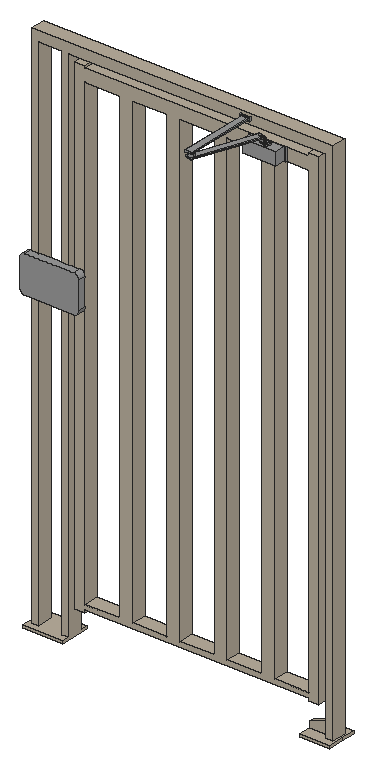
Revit family "Калитка WHD-15", category Обобщенные модели, Revit 2020
Family settings
  Может служить основой для арматурных стержней = Нет
  Размер круглого соединителя = Использовать диаметр
  Тип детали = Нормальный
  На основе рабочей плоскости = Нет
  Всегда вертикально = Да
  При загрузке вырезать с полостями = Нет
  Общий = Нет
  Точка расчета площади = Нет
Parameters
  Ширина зоны прохода = "Ширина зоны прохода"
  Температура использования = "от -30°C до +50°C"
  Степень защиты оболочки = "IP54"
  Пропускная способность = "12 чел./мин"
  Подключение к электросети = "220 В"
  Отметка по умолчанию = 0 mm
  Ограждение снизу справа [instance] = no
  Ограждение снизу слева [instance] = no
  Ограждение сверху справа [instance] = no
  Ограждение сверху слева [instance] = no
  Габаритные размеры = "2150х1232х378,5 мм"
  ADSK_Ток = "3 А"
  ADSK_Номинальная мощность = "36 Вт"
  ADSK_Напряжение = "от 11,5 до 14 В постоянного тока"
  ADSK_Наименование [instance] = if(or(Ограждение сверху слева, Ограждение сверху справа, Ограждение снизу слева, Ограждение снизу справа), "Калитка полноростовая WHD-15 с угловым кронштейном", "Калитка полноростовая WHD-15")  # "Калитка полноростовая WHD-15"
  ADSK_Материал наименование = Сталь окрашенная RAL 1019
  ADSK_Масса_Текст = "35 кг"
  ADSK_Количество = 1
  ADSK_Завод-изготовитель = "PERCo"
  ADSK_Единица измерения = "компл."
  ADSK_URL страницы изделия = "https://www.perco.ru/products/kalitka-polnorostovaya-whd-15.php"
Reference planes
  plane 1 "По центру (Вперед/Назад)": y = 0
  plane 2: z = 0
  plane 3 "По центру (Влево/Вправо)": x = 0
  plane 4: through (340, -75, 3000) normal (0.9397, -0.342, 0)
  plane 5: y = 60
  plane 6: y = -60
  plane 7: x = -621
  plane 8: x = 611
Forms (mm)
  Extrusion 1, solid, material "Сталь окрашенная RAL 1019" <- "ADSK_Материал наименование"
    sketch origin (0, 0, 0) x (1, 0, 0) y (0, 1, 0)
      loop
        line (-610, 30) -> (-610, -30) -> (600, -30) -> (600, 30) -> (-610, 30)
    from 2110 to 2150
  Extrusion 2, solid, material "Сталь окрашенная RAL 1019" <- "ADSK_Материал наименование"
    sketch origin (0, 0, 0) x (1, 0, 0) y (0, 1, 0)
      loop
        line (-610, 30) -> (-610, -30) -> (-580, -30) -> (-580, 30) -> (-610, 30)
      loop
        line (-460, -30) -> (-460, 30) -> (-490, 30) -> (-490, -30) -> (-460, -30)
    from 10 to 2110
  Extrusion 3, solid, material "Сталь окрашенная RAL 1019" <- "ADSK_Материал наименование"
    sketch origin (0, 0, 0) x (1, 0, 0) y (0, 1, 0)
      loop
        line (-621, 0) -> (-621, -60) -> (-460, -60) -> (-460, 60) -> (-621, 60) -> (-621, 0)
    from 0 to 10
  Extrusion 4, solid, material "Сталь окрашенная RAL 1019" <- "ADSK_Материал наименование"
    sketch origin (0, 0, 0) x (-1, 0, 0) y (0, -1, 0)
      loop
        line (-611, 0) -> (-611, -60) -> (-490, -60) -> (-490, 60) -> (-611, 60) -> (-611, 0)
    from 0 to 10
  Extrusion 5, solid, material "Сталь окрашенная RAL 1019" <- "ADSK_Материал наименование"
    sketch origin (0, 0, 0) x (1, 0, 0) y (0, 1, 0)
      loop
        line (600, 30) -> (570, 30) -> (570, -30) -> (600, -30) -> (600, 30)
    from 10 to 2110
  Extrusion 6, solid, material "Сталь окрашенная RAL 1019" <- "ADSK_Материал наименование"
    sketch origin (0, 0, 0) x (1, 0, 0) y (0, 0, 1)
      loop
        line (490, 10) -> (570, 10) -> (570, 63.676) -> (490, 34.559) -> (490, 10)
    from -10 to 10
  Extrusion 7, solid, material "Сталь окрашенная RAL 1019" <- "ADSK_Материал наименование"
    sketch origin (0, 0, 0) x (1, 0, 0) y (0, 0, 1)
      loop
        line (-435, 2090) -> (-435, 121) -> (-395, 121) -> (-395, 2090) -> (-435, 2090)
      loop
        line (545, 2090) -> (505, 2090) -> (505, 121) -> (545, 121) -> (545, 2090)
    from -30 to 30
  Extrusion 8, solid, material "Сталь окрашенная RAL 1019" <- "ADSK_Материал наименование"
    sketch origin (0, 0, 0) x (1, 0, 0) y (0, 1, 0)
      loop
        line (-435, 30) -> (-435, -30) -> (545, -30) -> (545, 30) -> (-435, 30)
    from 131 to 151
  Extrusion 9, solid, material "Сталь окрашенная RAL 1019" <- "ADSK_Материал наименование"
    sketch origin (0, 0, 0) x (1, 0, 0) y (0, 1, 0)
      loop
        line (-435, 30) -> (-435, -30) -> (545, -30) -> (545, 30) -> (-435, 30)
    from 2030 to 2080
  Extrusion 10, solid, material "Сталь окрашенная RAL 1019" <- "ADSK_Материал наименование"
    sketch origin (0, 0, 0) x (1, 0, 0) y (0, 1, 0)
      loop
        line (-255, -30) -> (-205, -30) -> (-205, 30) -> (-255, 30) -> (-255, -30)
      loop
        line (-65, -30) -> (-15, -30) -> (-15, 30) -> (-65, 30) -> (-65, -30)
      loop
        line (125, -30) -> (175, -30) -> (175, 30) -> (125, 30) -> (125, -30)
      loop
        line (315, -30) -> (365, -30) -> (365, 30) -> (315, 30) -> (315, -30)
    from 151 to 2060
  Extrusion 11, solid, material "Ламинат — черный"
    sketch origin (0, 0, 0) x (1, 0, 0) y (0, 0, 1)
      loop
        arc (-415, 1200) -> (-400.858, 1205.858) -> (-395, 1220) r 20
        line (-395, 1220) -> (-395, 1330)
        arc (-395, 1330) -> (-400.858, 1344.142) -> (-415, 1350) r 20
        line (-415, 1350) -> (-612, 1350)
        arc (-612, 1350) -> (-626.142, 1344.142) -> (-632, 1330) r 20
        line (-632, 1330) -> (-632, 1220)
        arc (-632, 1220) -> (-626.142, 1205.858) -> (-612, 1200) r 20
        line (-612, 1200) -> (-415, 1200)
    from 30 to 60
  Extrusion 12, solid, material "Ламинат — черный"
    sketch origin (0, 0, 0) x (1, 0, 0) y (0, 0, 1)
      loop
        line (315, 2030) -> (365, 2030) -> (415, 2030) -> (415, 2080) -> (265, 2080) -> (265, 2030) -> (315, 2030)
    from 35 to 30
  Extrusion 13, solid, material "Ламинат — черный"
    sketch origin (0, 0, 0) x (1, 0, 0) y (0, 0, 1)
      loop
        line (275, 2080) -> (275, 2030) -> (405, 2030) -> (405, 2080) -> (275, 2080)
    from 35 to 75
  Sweep 14, solid, material "Ламинат — черный"
    path origin (340, -75, 3000) x (0.34202, 0.939693, 0) y (0, 0, 1)
      loop
        line (32.996, -917) -> (17.996, -917)
        arc (17.996, -917) -> (14.46, -915.536) -> (12.996, -912) r 5
        line (12.996, -912) -> (12.996, -897)
        arc (12.996, -897) -> (10.067, -889.929) -> (2.996, -887) r 10
        line (2.996, -887) -> (-259.127, -887)
    profile origin (296.199, -195.343, 2113) x (0, 0, -1) y (0.939693, -0.34202, 0)
      loop
        arc (-3, -13) -> (-2.414, -14.414) -> (-1, -15) r 2
        line (-1, -15) -> (1, -15)
        arc (1, -15) -> (2.414, -14.414) -> (3, -13) r 2
        line (3, -13) -> (3, 13)
        arc (3, 13) -> (2.414, 14.414) -> (1, 15) r 2
        line (1, 15) -> (-1, 15)
        arc (-1, 15) -> (-2.414, 14.414) -> (-3, 13) r 2
        line (-3, 13) -> (-3, -13)
  Extrusion 15, solid, material "Ламинат — черный"
    sketch origin (-7.9, 0, 0) x (1, 0, 0) y (0, 0, 1)
      loop
        line (239.274, 2131) -> (239.274, 2123.5) -> (279.274, 2123.5) -> (279.274, 2138.5) -> (239.274, 2138.5) -> (239.274, 2131)
    from 30 to 35
  Extrusion 16, solid, material "Ламинат — черный"
    sketch origin (-7.9, 0, 0) x (1, 0, 0) y (0, 0, 1)
      loop
        spline (245.178, 2130) -> (245.194, 2129.739) -> (245.242, 2129.482) -> (245.321, 2129.235) -> (245.43, 2129) -> (245.567, 2128.782) -> (245.729, 2128.586) -> (245.914, 2128.413) -> (246.118, 2128.268) -> (246.339, 2128.152) -> (246.571, 2128.068) -> (246.812, 2128.017) -> (247.058, 2128)
        line (247.058, 2128) -> (271.49, 2128)
        spline (271.49, 2128) -> (271.735, 2128.017) -> (271.976, 2128.068) -> (272.209, 2128.152) -> (272.429, 2128.268) -> (272.634, 2128.413) -> (272.819, 2128.586) -> (272.981, 2128.782) -> (273.117, 2129) -> (273.226, 2129.235) -> (273.305, 2129.482) -> (273.353, 2129.739) -> (273.369, 2130)
        line (273.369, 2130) -> (273.369, 2132)
        spline (273.369, 2132) -> (273.353, 2132.261) -> (273.305, 2132.518) -> (273.226, 2132.765) -> (273.117, 2133) -> (272.981, 2133.218) -> (272.819, 2133.414) -> (272.634, 2133.587) -> (272.429, 2133.732) -> (272.209, 2133.848) -> (271.976, 2133.932) -> (271.735, 2133.983) -> (271.49, 2134)
        line (271.49, 2134) -> (247.058, 2134)
        spline (247.058, 2134) -> (246.812, 2133.983) -> (246.571, 2133.932) -> (246.339, 2133.848) -> (246.118, 2133.732) -> (245.914, 2133.587) -> (245.729, 2133.414) -> (245.567, 2133.218) -> (245.43, 2133) -> (245.321, 2132.765) -> (245.242, 2132.518) -> (245.194, 2132.261) -> (245.178, 2132)
        line (245.178, 2132) -> (245.178, 2130)
    from 30 to 318.5
  Extrusion 17, solid, material "Ламинат — черный"
    sketch origin (0, 9.87, 0) x (1, 0, 0) y (0, 1, 0)
      loop
        circle (254.793, -318.973) r 10
    from 2116 to 2128
Cuts and joins
  joined: Extrusion 12, Extrusion 13, Sweep 14, Extrusion 15, Extrusion 16, Extrusion 17
  joined: Extrusion 1, Extrusion 2, Extrusion 3, Extrusion 4, Extrusion 5, Extrusion 6, Extrusion 7, Extrusion 8, Extrusion 9, Extrusion 10
Dimensions and locks
  Extrusion 3 to Extrusion 4 = 1232 mm
  Extrusion 1 to level = 2150 mm
  Extrusion 3 to Extrusion 11 = 120 mm
  Extrusion 3 to cut or joined group of Extrusion 12, Extrusion 13, Sweep 14, Extrusion 15, Extrusion 16, Extrusion 17 = 378.5 mm
  aligned and locked: level to plane 2
Nested families
  nested 1: "Ограждение MB-15" at (671, 470, 0) x (0, 1, 0) z (0, 0, 1), visible <- "Ограждение сверху справа", type "Ограждение MB-15"
  nested 2: "Ограждение MB-15" at (671, -470, 0) x (0, 1, 0) z (0, 0, 1), visible <- "Ограждение снизу справа", type "Ограждение MB-15"
  nested 3: "Ограждение MB-15" at (-681, 470, 0) x (0, 1, 0) z (0, 0, 1), visible <- "Ограждение сверху слева", type "Ограждение MB-15"
  nested 4: "Ограждение MB-15" at (-681, -470, 0) x (0, 1, 0) z (0, 0, 1), visible <- "Ограждение снизу слева", type "Ограждение MB-15"
Definition of nested family "Ограждение MB-15"
  Parameters (values of type "Ограждение MB-15")
    Температура использования = "от -40°C до +55°C"
    Default Elevation = 0 mm
    Габаритные размеры = "820х120x2150"
    ADSK_Наименование краткое = "Ограждение MB-15"
    ADSK_Наименование = "Полноростовое ограждение MB-15"
    ADSK_Материал наименование = none
    ADSK_Масса_Текст = "21.5 кг"
    ADSK_Количество = 1
    ADSK_Завод-изготовитель = "PERCo"
    ADSK_Единица измерения = "компл."
    ADSK_URL страницы изделия = "https://www.perco.ru/products/polnorostovoe-ograzhdenie-mb-15.php"
  Reference planes
    plane 1 "По центру (Вперед/Назад)": y = 0
    plane 2: z = 0
    plane 3 "По центру (Влево/Вправо)": x = 0
    plane 4: x = -410
    plane 5: x = 410
    plane 6: y = 60
    plane 7: y = -60
  Forms (mm)
    Extrusion 1, solid, material <- "ADSK_Материал наименование"
      sketch origin (0, 0, 0) x (1, 0, 0) y (0, 1, 0)
        loop
          line (-410, 30) -> (-410, -30) -> (410, -30) -> (410, 30) -> (-410, 30)
      from 2120 to 2150
    Extrusion 2, solid, material <- "ADSK_Материал наименование"
      sketch origin (0, 0, 0) x (1, 0, 0) y (0, 1, 0)
        loop
          line (-410, 30) -> (-410, -30) -> (410, -30) -> (410, 30) -> (-410, 30)
      from 135 to 155
    Extrusion 3, solid, material <- "ADSK_Материал наименование"
      sketch origin (0, 0, 0) x (1, 0, 0) y (0, 1, 0)
        loop
          line (-410, 30) -> (-410, -30) -> (-380, -30) -> (-380, 30) -> (-410, 30)
        loop
          line (410, 30) -> (380, 30) -> (380, -30) -> (410, -30) -> (410, 30)
      from 10 to 2120
    Extrusion 4, solid, material <- "ADSK_Материал наименование"
      sketch origin (0, 0, 0) x (1, 0, 0) y (0, 1, 0)
        loop
          line (-410, 0) -> (-410, -60) -> (-311.006, -60) -> (-290, -30) -> (-290, 30) -> (-311.006, 60) -> (-410, 60) -> (-410, 0)
        loop
          line (410, 0) -> (410, 60) -> (311.006, 60) -> (290, 30) -> (290, -30) -> (311.006, -60) -> (410, -60) -> (410, 0)
      from 0 to 10
    Extrusion 5, solid, material <- "ADSK_Материал наименование"
      sketch origin (0, 0, 0) x (1, 0, 0) y (0, 0, 1)
        loop
          line (-290, 10) -> (-290, 20) -> (-380, 71.962) -> (-380, 10) -> (-290, 10)
      from -30 to -20
    Extrusion 6, solid, material <- "ADSK_Материал наименование"
      sketch origin (0, 0, 0) x (1, 0, 0) y (0, 0, 1)
        loop
          line (-290, 10) -> (-290, 20) -> (-380, 71.962) -> (-380, 10) -> (-290, 10)
      from 30 to 20
    Extrusion 7, solid, material <- "ADSK_Материал наименование"
      sketch origin (0, 0, 0) x (-1, 0, 0) y (0, 0, -1)
        loop
          line (-290, -10) -> (-380, -10) -> (-380, -71.962) -> (-290, -20) -> (-290, -10)
      from -30 to -20
    Extrusion 8, solid, material <- "ADSK_Материал наименование"
      sketch origin (0, 0, 0) x (-1, 0, 0) y (0, 0, -1)
        loop
          line (-290, -10) -> (-380, -10) -> (-380, -71.962) -> (-290, -20) -> (-290, -10)
      from 30 to 20
    Extrusion 9, solid, material <- "ADSK_Материал наименование"
      sketch origin (0, 0, 0) x (1, 0, 0) y (0, 0, 1)
        loop
          line (-240, 155) -> (-173, 155) -> (-173, 2120) -> (-240, 2120) -> (-240, 155)
        loop
          line (240, 155) -> (240, 2120) -> (173, 2120) -> (173, 155) -> (240, 155)
        loop
          line (33.5, 155) -> (33.5, 2120) -> (-33.5, 2120) -> (-33.5, 155) -> (33.5, 155)
      from -30 to 30
  Cuts and joins
    joined: Extrusion 1, Extrusion 2, Extrusion 3, Extrusion 4, Extrusion 5, Extrusion 6, Extrusion 7, Extrusion 8, Extrusion 9
  Dimensions and locks
    cut or joined group 1 (Extrusion 1, Extrusion 2, Extrusion 3, Extrusion 4, Extrusion 5, Extrusion 6, Extrusion 7, Extrusion 8, Extrusion 9) to cut or joined group 1 = 820 mm
    cut or joined group 1 to cut or joined group 1 = 120 mm
    cut or joined group 1 to level = 2150 mm
    aligned and locked: level to plane 2
